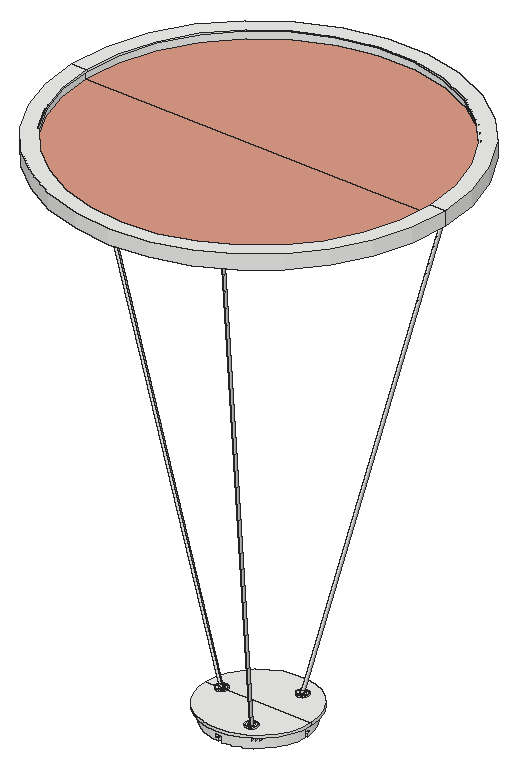
Revit family "(VRI) Vicky Ring Inward Light Acoustic Light", category Lighting Fixtures, host Face, Revit 2020
Family settings
  Host = Face
  Round Connector Dimension = Use Diameter
  Part Type = Normal
  Cut with Voids When Loaded = No
  Light Source = Yes
  Shared = No
  Room Calculation Point = No
Parameters (values of type "VRI-LA-4035-40901-ACPMK-WH-NSAC-021 130")
  Wattage Comments = "40 W"
  Wattage = 18.8499 W
  built-in parameter 1150110 = 1 (stored number, unit not read)
  Voltage = "120-277 V"  # constant formula
  URL = "https://www.abovealllighting.com/product/LED-INDOOR-FIXTURE/Ring/VRIVickyRingInwardLightAcousticLight.html"
  Type Comments = "Vicky Ring Inward Light Acoustic Light"  # constant formula
  built-in parameter 1114217 = 1 (stored number, unit not read)
  Tilt Angle = -90.00°
  built-in parameter 1150109 = 1 (stored number, unit not read)
  built-in parameter 1150134 = 12
  Suspender Height = 4' - 0"  # constant formula
  Surface Mount [instance] = no
  built-in parameter 1150113 = 1 (stored number, unit not read)
  Power Factor = 1
  Photometric Web File = "VRI_LA_4035_XX901_with_acoustic.ies"
  Order number = "16244"
  Model = "VRI-LA-4035-40901-ACPMK-WH-NSAC-021 130"
  Manufacturer = "Above All Lighting"  # constant formula
  built-in parameter 1150105 = 222.82 (stored number, unit not read)
  Lumens = 2800 lm
  built-in parameter 1150115 = 1 (stored number, unit not read)
  Load Classification = Lighting
  built-in parameter 1150137 = (empty or 0)
  built-in parameter 1150139 = (empty or 0)
  built-in parameter 1150112 = 1 (stored number, unit not read)
  built-in parameter 1150114 = 1 (stored number, unit not read)
  Inside Body Material = Acoustic -130
  Inside Body = yes
  Inner Diameter = D1 - 0' 1 77/256"  # 1' - 4 51/128"
  built-in parameter 1150132 = 2
  built-in parameter 1150102 = (empty or 0)
  built-in parameter 1150107 = 4000 (stored number, unit not read)
  built-in parameter 1150138 = (empty or 0)
  built-in parameter 1150106 = 2.2282 (stored number, unit not read)
  IP Rating = "20"  # constant formula
  H2 = Suspender Height - B  # 3' - 10.62"
  H1 = sqrt((D3 ^ 2) + (H2 ^ 2))  # 4' - 0.59108"
  H = 0' - 1.3"
  Finish/Color = Alluminium Fiber
  built-in parameter 1150104 = 13.8 (stored number, unit not read)
  Dimming Lamp Color Temperature Shift = <None>
  Dimming / Control = "0-10 V"  # constant formula
  Description = "The Vicky Ring light is a unique ring style light with an LED light source illuminating from its inner surface."  # constant formula
  Default Elevation = 0' - 0"
  D3 = D2 - A1  # 1' - 1 179/256"
  D2 = D1 - 0' 0 1/2"  # 1' - 5 51/256"
  D1 = 1' - 5 179/256"
  D = D1 * 2  # 2' - 11 51/128"
  Color Filter = 16777215
  CRI = "90"  # constant formula
  C = 0' - 1.4"
  built-in parameter 1114218 = 1 (stored number, unit not read)
  B = 0' - 1.38"
  Average life based on 77F(HRS) = "50000"  # constant formula
  built-in parameter 1150133 = 10 (stored number, unit not read)
  Apparent Load = 50 VA
  Aircraft Cable Pendant Mount [instance] = not(Surface Mount)  # yes
  A1 = A - 0' 1 1/2"  # 0' - 3 1/2"
  A = 0' - 5"
Types (8): name | Wattage Comments | Wattage | URL | built-in parameter 1150134 | Photometric Web File | Order number | Model | built-in parameter 1150105 | Lumens | Inside Body Material | Inside Body | Inner Diameter | built-in parameter 1150107 | built-in parameter 1150106 | H1 | Finish/Color | Default Elevation | D3 | D2 | D1 | D | Apparent Load
  (no name) | "40 W" | 18.8499 W | "https://www.abovealllighting.com/product/LED-INDOOR-FIXTURE/Ring/VRIVickyRingInwardLightAcousticLight.html" | 12 | "VRI_LA_4035_XX901_with_acoustic.ies" | "16244" | "VRI-LA-4035-40901-ACPMK-WH-NSAC-021 130" | 222.82 (stored number, unit not read) | 2800 lm | Acoustic -130 | yes | 1' - 4 51/128" | 4000 (stored number, unit not read) | 2.2282 (stored number, unit not read) | 4' - 0.59108" | Alluminium Fiber | 0' - 0" | 1' - 1 179/256" | 1' - 5 51/256" | 1' - 5 179/256" | 2' - 11 51/128" | 50 VA
  VRI-3624-30901-ACPMK-WH | "32 W" | 15.0799 W | 0' - 0" | (empty or 0) | "VRI-3624-30901-WH.ies" | "16235" | "VRI-3624-40901-ACPMK-WH" | 178.25 (stored number, unit not read) | 2240 lm | none | no | 0' - 10 1/2" | 3000 (stored number, unit not read) | 1.7825 (stored number, unit not read) | 3' - 11.26814" | White | 0' - 0" | 0' - 7 205/256" | 0' - 11 77/256" | 0' - 11 205/256" | 1' - 11 77/128" | 40 VA
  VRI-4035-40901-ACPMK-WH | "40 W" | 18.8499 W | "https://www.abovealllighting.com/product/LED-INDOOR-FIXTURE/Ring.html" | 12 | "VRI-4035-40901-WH.ies" | "16236" | "VRI-4035-40901-ACPMK-WH" | 222.82 (stored number, unit not read) | 2800 lm | none | no | 1' - 4 51/128" | 4000 (stored number, unit not read) | 2.2282 (stored number, unit not read) | 4' - 0.59108" | White | 4' - 0" | 1' - 1 179/256" | 1' - 5 51/256" | 1' - 5 179/256" | 2' - 11 51/128" | 50 VA
  VRI-7047-40901-ACPMK-WH | "70 W" | 32.9873 W | "https://www.abovealllighting.com/product/LED-INDOOR-FIXTURE/Ring/VRIVickyRingInwardLightAcousticLight.html" | 12 | "VRI_7047_40901_ACPMK_WH.ies" | "16237" | "VRI-7047-40901-ACPMK-WH" | 389.93 (stored number, unit not read) | 4900 lm | none | yes | 1' - 10 77/256" | 4000 (stored number, unit not read) | 3.8993 (stored number, unit not read) | 4' - 2.57317" | Alluminium Fiber | 0' - 0" | 1' - 7 77/128" | 1' - 11 13/128" | 1' - 11 77/128" | 3' - 11 13/64" | 87.5 VA
  VRI-8059-30901-ACPMK-WH | "80 W" | 37.6998 W | "https://www.abovealllighting.com/product/LED-INDOOR-FIXTURE/Ring/VRIVickyRingInwardLightAcousticLight.html" | (empty or 0) | "VRI_8059_30901_WH.ies" | "16238" | "VRI-8059-40901-ACPMK-WH" | 445.63 (stored number, unit not read) | 5600 lm | Acoustic -130 | no | 2' - 4 1/4" | 3000 (stored number, unit not read) | 4.4563 (stored number, unit not read) | 4' - 5.16264" | Alluminium Fiber | 0' - 0" | 2' - 1 141/256" | 2' - 5 13/256" | 2' - 5 141/256" | 4' - 11 13/128" | 100 VA
  VRI-LA-3624-40901-ACPMK-WH-NSAC-021 130 | "32 W" | 15.0799 W | "https://www.abovealllighting.com/product/LED-INDOOR-FIXTURE/Ring/VRIVickyRingInwardLightAcousticLight.html" | 12 | "VRI_LA_3624_XX901_with_acoustic.ies" | "16243" | "VRI-LA-3624-40901-ACPMK-WH-NSAC-021 130" | 178.25 (stored number, unit not read) | 2240 lm | Acoustic -130 | yes | 0' - 10 1/2" | 4000 (stored number, unit not read) | 1.7825 (stored number, unit not read) | 3' - 11.26814" | White | 0' - 0" | 0' - 7 205/256" | 0' - 11 77/256" | 0' - 11 205/256" | 1' - 11 77/128" | 40 VA
  VRI-LA-4035-40901-ACPMK-WH-NSAC-021 130 | "40 W" | 18.8499 W | "https://www.abovealllighting.com/product/LED-INDOOR-FIXTURE/Ring/VRIVickyRingInwardLightAcousticLight.html" | 12 | "VRI_LA_4035_XX901_with_acoustic.ies" | "16244" | "VRI-LA-4035-40901-ACPMK-WH-NSAC-021 130" | 222.82 (stored number, unit not read) | 2800 lm | Acoustic -130 | yes | 1' - 4 51/128" | 4000 (stored number, unit not read) | 2.2282 (stored number, unit not read) | 4' - 0.59108" | Alluminium Fiber | 0' - 0" | 1' - 1 179/256" | 1' - 5 51/256" | 1' - 5 179/256" | 2' - 11 51/128" | 50 VA
  VRI-LA-7047-40901-ACPMK-WH-NSAC-021 130 | "70 W" | 32.9873 W | "https://www.abovealllighting.com/product/LED-INDOOR-FIXTURE/Ring/VRIVickyRingInwardLightAcousticLight.html" | 12 | "VRI_LA_7047_XX901_with_acoustic.ies" | "16245" | "VRI-LA-7047-40901-ACPMK-WH-NSAC-021 130" | 389.93 (stored number, unit not read) | 4900 lm | Acoustic -130 | yes | 1' - 10 77/256" | 4000 (stored number, unit not read) | 3.8993 (stored number, unit not read) | 4' - 2.57317" | Alluminium Fiber | 0' - 0" | 1' - 7 77/128" | 1' - 11 13/128" | 1' - 11 77/128" | 3' - 11 13/64" | 87.5 VA
Reference planes (in)
  plane 1 "Center (Front/Back)": y = 0
  plane 2: z = 0
  plane 3 "Center (Left/Right)": x = 0
  plane 4: z = 1.38
  plane 5: z = 48
  plane 6: z = 49.3
  plane 7: x = -3.5
  plane 8: x = -17.19922
  plane 9: y = -3.5
  plane 10: y = 3.5
  plane 11: y = -3.0424
  plane 12: through (0, 0, 48) normal (0.866, 0.5, 0)
  plane 13: through (0, 0, 48) normal (-0.866, 0.5, 0)
  plane 14: through (1.75, -3.03109, 48) normal (-0.5, 0.866, 0)
  plane 15: through (1.75, 3.03109, 48) normal (0.5, 0.866, 0)
Forms (in)
  Revolve 1, solid, material "Alluminium Fiber" <- "Finish/Color", visible <- "Aircraft Cable Pendant Mount"
    sketch origin (0, 0, 0) x (1, 0, 0) y (0, 0, 1)
      loop
        line (0, 1.38) -> (-5, 1.38) -> (-5, 1.13) -> (-4.5, 1.13) -> (-4.5, 0) -> (-4.25, 0) -> (-4.25, 1.13) -> (0, 1.13) -> (0, 1.38)
      axis (0, 0) -> (0, 1.38)
    angle from 0 to 360
  Extrusion 2, void
    sketch origin (0, 0, 0) x (1, 0, 0) y (0, 0, 1)
      loop
        line (0.15625, 0) -> (0.15625, 0.5) -> (-0.47692, 0.5) -> (-0.47692, 0.25) -> (-0.15625, 0.25) -> (-0.15625, 0) -> (0.15625, 0)
    from -7.02479 to 6.62449
  Extrusion 3, void
    sketch origin (0, 0, 0) x (0, 1, 0) y (0, 0, 1)
      loop
        line (-0.15625, 0) -> (0.15625, 0) -> (0.15625, 0.25) -> (0.47692, 0.25) -> (0.47692, 0.5) -> (-0.15625, 0.5) -> (-0.15625, 0)
    from -6.62287 to 6.36874
  Revolve 4, solid, material "Alluminium Fiber" <- "Finish/Color", visible <- "Aircraft Cable Pendant Mount"
    sketch origin (0, 0, 0) x (1, 0, 0) y (0, 0, 1)
      loop
        line (-16.29922, 48) -> (-16.29922, 48.125) -> (-16.42422, 48.125) -> (-16.42422, 49.175) -> (-16.29922, 49.175) -> (-16.29922, 49.3) -> (-17.69922, 49.3) -> (-17.69922, 48) -> (-16.29922, 48)
      axis (0, 49.3) -> (0, 48)
    angle from 0 to 360
  Extrusion 5, void
    sketch origin (0, 0, 0) x (1, 0, 0) y (0, 0, 1)
      loop
        arc (2.42115, 1.06858) -> (2.39629, 1.05828) -> (2.38599, 1.03342) r 0.03516
        line (2.38599, 1.03342) -> (2.38599, 0.6685)
        arc (2.38599, 0.6685) -> (2.39682, 0.64236) -> (2.42295, 0.63154) r 0.03696
        line (2.42295, 0.63154) -> (2.51418, 0.63154)
        arc (2.51418, 0.63154) -> (2.53769, 0.64127) -> (2.54742, 0.66478) r 0.03324
        line (2.54742, 0.66478) -> (2.54742, 1.03342)
        arc (2.54742, 1.03342) -> (2.53713, 1.05828) -> (2.51227, 1.06858) r 0.03516
        line (2.51227, 1.06858) -> (2.42115, 1.06858)
      loop
        arc (2.67115, 1.06858) -> (2.64629, 1.05828) -> (2.63599, 1.03342) r 0.03516
        line (2.63599, 1.03342) -> (2.63599, 0.6685)
        arc (2.63599, 0.6685) -> (2.64682, 0.64236) -> (2.67295, 0.63154) r 0.03696
        line (2.67295, 0.63154) -> (2.76418, 0.63154)
        arc (2.76418, 0.63154) -> (2.78769, 0.64127) -> (2.79742, 0.66478) r 0.03324
        line (2.79742, 0.66478) -> (2.79742, 1.03342)
        arc (2.79742, 1.03342) -> (2.78713, 1.05828) -> (2.76227, 1.06858) r 0.03516
        line (2.76227, 1.06858) -> (2.67115, 1.06858)
      loop
        arc (2.92115, 1.06858) -> (2.89629, 1.05828) -> (2.88599, 1.03342) r 0.03516
        line (2.88599, 1.03342) -> (2.88599, 0.6685)
        arc (2.88599, 0.6685) -> (2.89682, 0.64236) -> (2.92295, 0.63154) r 0.03696
        line (2.92295, 0.63154) -> (3.01418, 0.63154)
        arc (3.01418, 0.63154) -> (3.03769, 0.64127) -> (3.04742, 0.66478) r 0.03324
        line (3.04742, 0.66478) -> (3.04742, 1.03342)
        arc (3.04742, 1.03342) -> (3.03713, 1.05828) -> (3.01227, 1.06858) r 0.03516
        line (3.01227, 1.06858) -> (2.92115, 1.06858)
    from 0 to 12
  Revolve 6, solid, material "Alluminium Fiber" <- "Finish/Color", visible <- "Aircraft Cable Pendant Mount"
    sketch origin (0, 0, 0) x (1, 0, 0) y (0, 0, 1)
      loop
        line (-3.5, 1.38) -> (-3.5, 1.72867) -> (-3.66885, 1.72867) -> (-3.66885, 1.5483)
        arc (-3.66885, 1.5483) -> (-3.68925, 1.49906) -> (-3.73848, 1.47867) r 0.06963
        line (-3.73848, 1.47867) -> (-4.00049, 1.47867)
        arc (-4.00049, 1.47867) -> (-4.01672, 1.47195) -> (-4.02344, 1.45572) r 0.02295
        line (-4.02344, 1.45572) -> (-4.02344, 1.38) -> (-3.5, 1.38)
      axis (-3.5, 1.72867) -> (-3.5, 1.38)
    angle from 0 to 360
  Revolve 7, solid, material "Alluminium Fiber" <- "Finish/Color", visible <- "Aircraft Cable Pendant Mount"
    sketch origin (0, 0, 0) x (-0.5, 0.866025, 0) y (0, 0, 1)
      loop
        line (-3.5, 1.38) -> (-3.5, 1.72867) -> (-3.66885, 1.72867) -> (-3.66885, 1.5483)
        arc (-3.66885, 1.5483) -> (-3.68925, 1.49906) -> (-3.73848, 1.47867) r 0.06963
        line (-3.73848, 1.47867) -> (-4.00049, 1.47867)
        arc (-4.00049, 1.47867) -> (-4.01672, 1.47195) -> (-4.02344, 1.45572) r 0.02295
        line (-4.02344, 1.45572) -> (-4.02344, 1.38) -> (-3.5, 1.38)
      axis (-3.5, 1.72867) -> (-3.5, 1.38)
    angle from 0 to 360
  Revolve 8, solid, material "Alluminium Fiber" <- "Finish/Color", visible <- "Aircraft Cable Pendant Mount"
    sketch origin (0, 0, 0) x (-0.5, -0.866025, 0) y (0, 0, 1)
      loop
        line (-3.5, 1.38) -> (-3.5, 1.72867) -> (-3.66885, 1.72867) -> (-3.66885, 1.5483)
        arc (-3.66885, 1.5483) -> (-3.68925, 1.49906) -> (-3.73848, 1.47867) r 0.06963
        line (-3.73848, 1.47867) -> (-4.00049, 1.47867)
        arc (-4.00049, 1.47867) -> (-4.01672, 1.47195) -> (-4.02344, 1.45572) r 0.02295
        line (-4.02344, 1.45572) -> (-4.02344, 1.38) -> (-3.5, 1.38)
      axis (-3.5, 1.72867) -> (-3.5, 1.38)
    angle from 0 to 360
  Revolve 9, solid, material "Acoustic -130" <- "Inside Body Material", visible <- "Inside Body"
    sketch origin (0, 0, 0) x (1, 0, 0) y (0, 0, 1)
      loop
        line (0, 48) -> (0, 48.5) -> (-16.39844, 48.5) -> (-16.39844, 48) -> (0, 48)
      axis (0, 48.5) -> (0, 48)
    angle from 0 to 360
Cuts and joins
  Extrusion 2, Extrusion 3, Extrusion 5 cuts Revolve 1
Dimensions and locks (in)
  "B": plane 4 to plane 2
  "A": plane 3 "Center (Left/Right)" to Revolve 1 sketch curve
  locked: Revolve 1 sketch curve to Revolve 1 sketch curve at 0.25
  "H": plane 6 to plane 5
  "Suspender Height": plane 5 to plane 2
  "C": Revolve 4 sketch curve to Revolve 4 sketch curve  (x2)
  locked: Revolve 4 sketch curve to Revolve 4 sketch curve at 1.275
  "D1": plane 3 "Center (Left/Right)" to Revolve 4 sketch curve
  "A1": plane 3 "Center (Left/Right)" to plane 7
  "D2": plane 3 "Center (Left/Right)" to plane 8
  Revolve 6 sketch curve to Revolve 6 sketch curve = 0' - 0 67/128"
  Revolve 7 sketch curve to Revolve 7 sketch curve = 0' - 0 67/128"
  Revolve 8 sketch curve to Revolve 8 sketch curve = 0' - 0 67/128"
  "A1": plane 9 to plane 1 "Center (Front/Back)"
  "A1": plane 1 "Center (Front/Back)" to plane 10
  locked: Revolve 9 sketch curve to Revolve 9 sketch curve at 0.5
  "Inner Diameter": plane 3 "Center (Left/Right)" to Revolve 9 sketch curve
  locked: plane 13 to plane 3 "Center (Left/Right)" (angle 30.00°)
  locked: plane 3 "Center (Left/Right)" to plane 12 (angle 30.00°)
  locked: plane 15 to plane 13 (angle 90.00°)
  locked: plane 12 to plane 14 (angle 90.00°)
  aligned and locked: plane 2 to host face
  aligned and locked: level to host face
  aligned and locked: plane 3 "Center (Left/Right)" to Revolve 1 sketch curve  (x2)
  aligned and locked: plane 4 to Revolve 1 sketch curve
  aligned and locked: Revolve 1 sketch curve to host face
  aligned and locked: plane 5 to Revolve 4 sketch curve
  aligned and locked: Revolve 4 sketch curve to plane 6
  aligned and locked: plane 4 to nested 3
  aligned and locked: plane 4 to nested 2
  aligned and locked: plane 4 to nested 1
  aligned and locked: nested 2 to plane 12
  aligned and locked: plane 14 to nested 2
  aligned and locked: plane 1 "Center (Front/Back)" to nested 3
  aligned and locked: nested 3 to plane 7
  aligned and locked: nested 1 to plane 15
  aligned and locked: nested 1 to plane 13
  aligned and locked: nested 4 to plane 2
  aligned and locked: plane 5 to imposter light
  aligned and locked: plane 3 "Center (Left/Right)" to imposter light
  aligned and locked: Revolve 9 sketch curve to plane 3 "Center (Left/Right)"  (x2)
  aligned and locked: plane 5 to Revolve 9 sketch curve
Automatic sketch dimensions
  host sketch curve to host sketch curve = 6' - 11.84953"
  host sketch curve to host sketch curve = 10' - 8.54196"
  Extrusion 2 sketch curve to level = 0' - 0"
  level to Extrusion 2 sketch curve = 0' - 0 1/4"
  Extrusion 2 sketch curve to plane 3 "Center (Left/Right)" = 0' - 0.47692"
  Extrusion 2 sketch curve to plane 3 "Center (Left/Right)" = 0' - 0 5/32"
  plane 3 "Center (Left/Right)" to Extrusion 2 sketch curve = 0' - 0 5/32"
  Extrusion 2 sketch curve to Extrusion 2 sketch curve = 0' - 0 1/4"
  plane 1 "Center (Front/Back)" to Extrusion 3 sketch curve = 0' - 0 5/32"
  Extrusion 3 sketch curve to Extrusion 3 sketch curve = 0' - 0 5/16"
  Extrusion 3 sketch curve to Extrusion 3 sketch curve = 0' - 0.32067"
  level to Extrusion 3 sketch curve = 0' - 0"
  Extrusion 3 sketch curve to Extrusion 3 sketch curve = 0' - 0 1/4"  (x2)
  Revolve 1 sketch curve to plane 4 = 0' - 0 1/4"  (x2)
  Revolve 1 sketch curve to Revolve 1 sketch curve = 0' - 0 1/2"
  Revolve 1 sketch curve to level = 0' - 2 1/4"
  Revolve 1 sketch curve to Revolve 1 sketch curve = 0' - 0.12"
  level to Extrusion 5 sketch curve = 0' - 0.6685"
  plane 3 "Center (Left/Right)" to Extrusion 5 sketch curve = 0' - 2.38599"
  Extrusion 5 sketch curve to Extrusion 5 sketch curve = 0' - 0 9/256"  (x6)
  Extrusion 5 sketch curve to Extrusion 5 sketch curve = 0' - 0.03696"  (x3)
  Extrusion 5 sketch curve to Extrusion 5 sketch curve = 0' - 0.09112"  (x3)
  Extrusion 5 sketch curve to Extrusion 5 sketch curve = 0' - 0.09123"  (x3)
  Extrusion 5 sketch curve to Extrusion 5 sketch curve = 0' - 0.08857"  (x2)
  Extrusion 5 sketch curve to Extrusion 5 sketch curve = 0' - 0.03324"  (x2)
  Extrusion 5 sketch curve to plane 4 = 0' - 0.34658"
  Extrusion 5 sketch curve to Extrusion 5 sketch curve = 0' - 0"  (x2)
  Revolve 6 sketch curve to Revolve 6 sketch curve = 0' - 0.02295"
  Revolve 6 sketch curve to Revolve 6 sketch curve = 0' - 0.16885"
  Revolve 6 sketch curve to Revolve 6 sketch curve = 0' - 0.18037"
  Revolve 6 sketch curve to Revolve 6 sketch curve = 0' - 0.16809"
  Revolve 6 sketch curve to Revolve 6 sketch curve = 0' - 0.06963"
  Revolve 6 sketch curve to Revolve 6 sketch curve = 0' - 0.07572"
  Revolve 6 sketch curve to Revolve 6 sketch curve = 0' - 0"
  Revolve 6 sketch curve to Revolve 6 sketch curve = 0' - 0.16439"
  Revolve 4 sketch curve to plane 3 "Center (Left/Right)" = 0' - 0"
  plane 5 to Revolve 4 sketch curve = 0' - 0 1/8"
  Revolve 4 sketch curve to plane 6 = 0' - 0 1/8"
  Revolve 4 sketch curve to level = 2' - 0"
  plane 6 to Revolve 4 sketch curve = 6' - 5.41882"
  Revolve 7 sketch curve to Revolve 7 sketch curve = 0' - 0.02295"
  Revolve 7 sketch curve to Revolve 7 sketch curve = 0' - 0.16885"
  Revolve 7 sketch curve to Revolve 7 sketch curve = 0' - 0.18037"
  Revolve 7 sketch curve to Revolve 7 sketch curve = 0' - 0.16809"
  Revolve 7 sketch curve to Revolve 7 sketch curve = 0' - 0.06963"
  Revolve 7 sketch curve to Revolve 7 sketch curve = 0' - 0.07572"
  Revolve 7 sketch curve to Revolve 7 sketch curve = 0' - 0"
  Revolve 7 sketch curve to Revolve 7 sketch curve = 0' - 0.16439"
  Revolve 8 sketch curve to Revolve 8 sketch curve = 0' - 0.02295"
  Revolve 8 sketch curve to Revolve 8 sketch curve = 0' - 0.16885"
  Revolve 8 sketch curve to Revolve 8 sketch curve = 0' - 0.18037"
  Revolve 8 sketch curve to Revolve 8 sketch curve = 0' - 0.16809"
  Revolve 8 sketch curve to Revolve 8 sketch curve = 0' - 0.06963"
  Revolve 8 sketch curve to Revolve 8 sketch curve = 0' - 0.07572"
  Revolve 8 sketch curve to Revolve 8 sketch curve = 0' - 0"
  Revolve 8 sketch curve to Revolve 8 sketch curve = 0' - 0.16439"
  Revolve 9 sketch curve to plane 5 = 0' - 3 1/4"
  plane 6 to Revolve 9 sketch curve = 0' - 5.45"
Nested families (in)
  nested 1: "Family5" at (0, 0, 1.41524) x (-0.5, -0.866, 0) z (0, 0, 1), A1 <- "A1", D2 <- "D2", Suspender Height <- "H2", Suspender Material <- "Finish/Color", visible <- "Aircraft Cable Pendant Mount", type "Family5"
    with Suspender Material Alluminium Fiber, Suspender Height 3' - 10.62", H1 4' - 0.59108", D3 1' - 1 179/256", D2 1' - 5 51/256", Aircraft Cable Pendant Mount yes, A1 0' - 3 1/2"
  nested 2: "Family5" at (0, 0, 1.41524) x (-0.5, 0.866, 0) z (0, 0, 1), A1 <- "A1", D2 <- "D2", Suspender Height <- "H2", visible <- "Aircraft Cable Pendant Mount", Suspender Material <- "Finish/Color", type "Family5"
    with Suspender Material Alluminium Fiber, Suspender Height 3' - 10.62", H1 4' - 0.59108", D3 1' - 1 179/256", D2 1' - 5 51/256", Aircraft Cable Pendant Mount yes, A1 0' - 3 1/2"
  nested 3: "Family5" at (0, 0, 1.41524), A1 <- "A1", D2 <- "D2", Suspender Height <- "H2", visible <- "Aircraft Cable Pendant Mount", Suspender Material <- "Finish/Color", type "Family5"
    with Suspender Material Alluminium Fiber, Suspender Height 3' - 10.62", H1 4' - 0.59108", D3 1' - 1 179/256", D2 1' - 5 51/256", Aircraft Cable Pendant Mount yes, A1 0' - 3 1/2"
  nested 4: "Family1" at (0, 0, 0), visible <- "Surface Mount", Body Material <- "Finish/Color", Surface Mount <- "Surface Mount", D1 <- "D1", type "Family1"
    with Surface Mount no, D1 1' - 5 179/256", Body Material Alluminium Fiber
Connectors (in)
  electrical at (-0.07524, 1.88527, 0), driven by "Load Classification", driven by "Apparent Load", driven by "Power Factor"
    settings: on host face, index 2, voltage 0 V, apparent load 50 VA, apparent load phase1 0 VA, apparent load phase2 0 VA, apparent load phase3 0 VA, power factor 1, load classification "Lighting", number of poles 1, system type 30, power factor state 1, is connector primary yes, connector utility no, sub classification motor no, connector description ""
Definition of nested family "Family5"
  Parameters (values of type "Family5")
    Suspender Material [instance] = none
    Suspender Height [instance] = 2' - 3.30679"
    H1 [instance] = sqrt(D3 ^ 2 + Suspender Height ^ 2)  # 3' - 1.49148"
    Default Elevation = 0' - 0"
    D3 [instance] = D2 - A1  # 2' - 1.6895"
    D2 [instance] = 3' - 0"
    Aircraft Cable Pendant Mount [instance] = yes
    A1 [instance] = 0' - 10.3105"
  Reference planes (in)
    plane 1 "Center (Front/Back)": y = 0
    plane 2: z = 0
    plane 3 "Center (Left/Right)": x = 0
    plane 4: x = -36
    plane 5: x = -10.3105
    plane 6: z = 27.30679
  Forms (in)
    Sweep 1, solid, material <- "Suspender Material", visible <- "Aircraft Cable Pendant Mount"
      path origin (0, 0, 0) x (1, 0, 0) y (0, 0, 1)
        loop
          line (-10.3105, 0) -> (-36, 27.30679)
      profile origin (-23.15525, 0, 13.65339) x (-0.728346, 0, -0.685209) y (0, -1, 0)
        loop
          circle (0, 0) r 0.125
  Dimensions and locks (in)
    "D2": plane 3 "Center (Left/Right)" to plane 4
    "A1": plane 3 "Center (Left/Right)" to plane 5
    "Suspender Height": plane 6 to plane 2
    "H1": Sweep 1 sketch curve to Sweep 1 sketch curve
    locked: Sweep 1 sketch curve to profile plane  (x2)
    aligned and locked: plane 2 to level
    aligned and locked: plane 2 to Sweep 1 sketch curve
    aligned and locked: plane 5 to Sweep 1 sketch curve
    aligned and locked: plane 4 to Sweep 1 sketch curve
  Automatic sketch dimensions
    radius of Sweep 1 sketch curve = 0' - 0 1/8"
Definition of nested family "Family1"
  Parameters (values of type "Family1")
    Surface Mount [instance] = yes
    Default Elevation = 0' - 0"
    D1 [instance] = 0' - 11.8"
    Body Material [instance] = none
  Reference planes (in)
    plane 1 "Center (Front/Back)": y = 0
    plane 2: z = 0
    plane 3 "Center (Left/Right)": x = 0
  Forms (in)
    Revolve 1, solid, visible <- "Surface Mount"
      sketch origin (0, 0, 0) x (1, 0, 0) y (0, 0, 1)
        loop
          line (-11.8, 0) -> (-10.4, 0) -> (-10.4, 0.125) -> (-10.525, 0.125) -> (-10.525, 1.175) -> (-10.4, 1.175) -> (-10.4, 1.3) -> (-11.8, 1.3) -> (-11.8, 0)
        axis (0, 0) -> (0, 1.3)
      angle from 0 to 360
  Dimensions and locks (in)
    locked: Revolve 1 sketch curve to Revolve 1 sketch curve at 1.4
    locked: Revolve 1 sketch curve to Revolve 1 sketch curve at 1.3
    "D1": plane 3 "Center (Left/Right)" to Revolve 1 sketch curve
    aligned and locked: plane 2 to level
    aligned and locked: plane 3 "Center (Left/Right)" to Revolve 1 sketch curve
  Automatic sketch dimensions
    Revolve 1 sketch curve to level = 0' - 0"
    Revolve 1 sketch curve to Revolve 1 sketch curve = 0' - 0 1/8"  (x4)
    level to Revolve 1 sketch curve = 0' - 0 1/8"
    Revolve 1 sketch curve to Revolve 1 sketch curve = 0' - 1 3/4"
